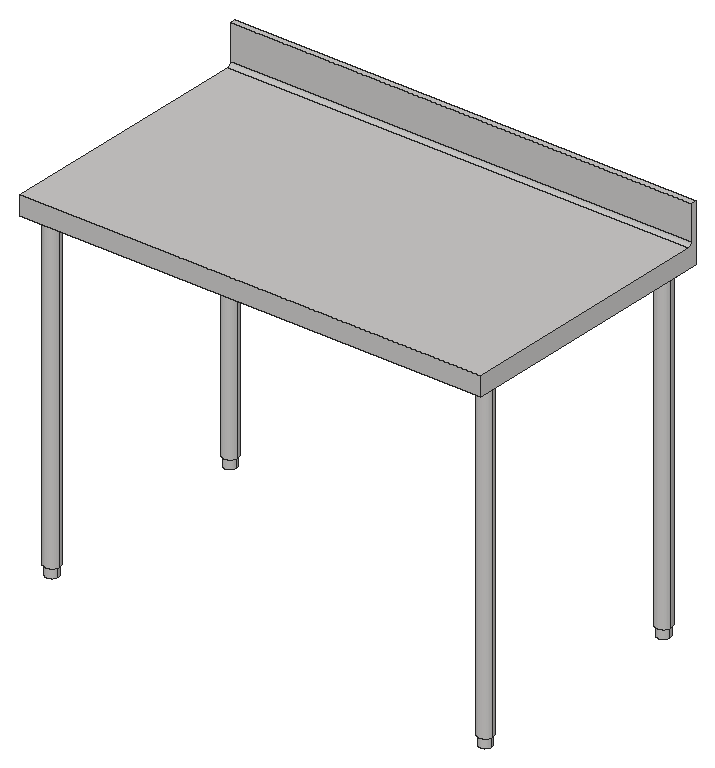
Revit family "QF_ZANUSSI_133055_TG1210EN", category Attrezzature speciali, Revit 2020
Family settings
  Quota connettore circolare = Usa diametro
  Tipo di parte = Normale
  Basato su piano di lavoro = No
  Sempre verticale = Sì
  Taglio con vuoti quando caricato = No
  Condiviso = No
  Punto di calcolo locali = No
Parameters (values of type "Standard")
  Weight = 40.00 kg
  Watts = 0 W
  Volts = 0 V
  URL Manufacturer = "http://www.zanussiprofessional.com"
  URL = "http://www.zanussiprofessional.com"
  Steam Supply Size = 0 mm
  Steam Supply Minimum Pressure = 0.0 Pa
  Steam Supply Maximum Pressure = 0.0 Pa
  Steam Consumption per Hour = 0
  Refrigeration Suction Line Size = 0.0 mm
  Refrigeration Liquid Line Size = 0.0 mm
  Refrigerant Compressor Remote = yes
  Prospetto di default = 0.0 mm
  Produttore = "Zanussi"
  Phase = 0
  Modello = "TG1210EN"
  Length Actual = 1200.0 mm  # constant formula
  Item Number = "133055"
  Hot Water Size = 0 mm
  Height Actual = 900.0 mm  # constant formula
  HP = "0 HP"
  Gas Size = 0 mm
  Gas KW = 0
  Gas Input Pressure = 0 W
  Direct Waste Size = 0 mm
  Descrizione = "WORK TABLE WITH UPSTAND 1200 MM"
  Depth Actual = 700.0 mm  # constant formula
  Cycle = 0 Hz
  Condensate Return Size = 0 mm
  Compressed Air Volume = 0.0 L/s
  Compressed Air Size = 0 mm
  Compressed Air Pressure = 0.0 Pa
  Cold Water Size = 0 mm
  Accessory = yes
Reference planes
  plane 1 "Center (Front/Back)": y = 0
  plane 2: z = 0
  plane 3 "Center (Left/Right)": x = -100
  plane 4 "LEFT": x = -700
  plane 5 "RIGHT": x = 500
  plane 6 "BACK": y = 350
  plane 7 "FRONT": y = -350
  plane 8 "Base": z = 850
  plane 9 "TOP": z = 900
  plane 10: x = -664.5
  plane 11: x = 464.5
  plane 12: y = 290
  plane 13: y = -290
Forms (mm)
  Extrusion 1, solid, material "QF_Finishes_Stainless Steel"
    sketch origin (-100, 0, 0) x (0, 1, 0) y (0, 0, 1)
      loop
        line (-350, 850) -> (350, 850) -> (350, 1000) -> (337, 1000) -> (337, 910)
        arc (337, 910) -> (334.071, 902.929) -> (327, 900) r 10
        line (327, 900) -> (-350, 900) -> (-350, 850)
    from 600 to -600
Lines and regions (mm)
  symbolic lines
    curve 1: line (500, 350, 900) -> (-700, 350, 900)
    curve 2: line (-700, 350, 900) -> (-700, -350, 900)
    curve 3: line (-700, -350, 900) -> (500, -350, 900)
    curve 4: line (500, -350, 900) -> (500, 350, 900)
    curve 5: line (500, 337, 900) -> (-700, 337, 900)
Dimensions and locks
  plane 4 "LEFT" to plane 5 "RIGHT" = 1200.0 mm
  equal spacing: plane 4 "LEFT", plane 3 "Center (Left/Right)", plane 5 "RIGHT"
  locked: plane 8 "Base" to level at 850
  plane 4 "LEFT" to plane 10 = 35.5 mm
  plane 11 to plane 5 "RIGHT" = 35.5 mm
  plane 10 to plane 11 = 1129.0 mm
  locked: Extrusion 1 to level at 1000
  plane 9 "TOP" to level = 900.0 mm
  plane 6 "BACK" to plane 12 = 60.0 mm
  plane 13 to plane 7 "FRONT" = 60.0 mm
  plane 6 "BACK" to plane 7 "FRONT" = 700.0 mm
  plane 12 to plane 13 = 580.0 mm
  equal spacing: plane 6 "BACK", plane 1 "Center (Front/Back)", plane 7 "FRONT"
  aligned and locked: level to plane 2
  aligned and locked: plane 10 to nested 1
  aligned and locked: nested 1 to plane 13
  aligned and locked: plane 11 to nested 2
  aligned and locked: nested 2 to plane 13
  aligned and locked: plane 11 to nested 4
  aligned and locked: nested 4 to plane 12
  aligned and locked: plane 10 to nested 3
  aligned and locked: nested 3 to plane 12
  aligned and locked: Extrusion 1 to plane 4 "LEFT"
  aligned and locked: plane 5 "RIGHT" to Extrusion 1
  aligned and locked: curve 2 to plane 4 "LEFT"
Automatic sketch dimensions
  Extrusion 1 sketch curve to plane 7 "FRONT" = 0.0 mm
  Extrusion 1 sketch curve to plane 9 "TOP" = 0.0 mm
  Extrusion 1 sketch curve to plane 6 "BACK" = 0.0 mm
  Extrusion 1 sketch curve to plane 8 "Base" = 0.0 mm
  plane 9 "TOP" to Extrusion 1 sketch curve = 10.0 mm
  Extrusion 1 sketch curve to plane 6 "BACK" = 13.0 mm
  Extrusion 1 sketch curve to Extrusion 1 sketch curve = 90.0 mm
  curve 3 to plane 7 "FRONT" = 0.0 mm
  curve 5 to plane 5 "RIGHT" = 0.0 mm
  curve 4 to plane 6 "BACK" = 0.0 mm
  curve 5 to plane 6 "BACK" = 13.0 mm
Nested families
  nested 1: "FEET_D40" at (-664.5, -290, 0), type "FEET_D40"
  nested 2: "FEET_D40" at (464.5, -290, 0), type "FEET_D40"
  nested 3: "FEET_D40" at (-664.5, 290, 0), type "FEET_D40"
  nested 4: "FEET_D40" at (464.5, 290, 0), type "FEET_D40"
Definition of nested family "FEET_D40"
  Parameters
    Default Elevation = 0.0 mm
    FEET = 850.0 mm
  Reference planes
    plane 1 "Center (Front/Back)": y = 0
    plane 2: z = 0
    plane 3 "Center (Left/Right)": x = 0
    plane 4: z = 850
  Forms (mm)
    Extrusion 1, solid
      sketch origin (0, 0, 0) x (1, 0, 0) y (0, 1, 0)
        loop
          circle (0, 0.002) r 20
      from 25 to 845
    Extrusion 2, solid
      sketch origin (0, 0, 0) x (1, 0, 0) y (0, 1, 0)
        loop
          circle (0, 0) r 16
      from 0 to 25
    Extrusion 3, solid
      sketch origin (0, 0, 0) x (1, 0, 0) y (0, 1, 0)
        loop
          circle (0, 0.002) r 30
      from 845 to 850
  Lines and regions (mm)
    symbolic lines
      curve 1: line (0, -1.503, 0) -> (0, 1.508, 0)
      curve 2: line (1.561, 0, 0) -> (-1.439, 0, 0)
  Dimensions and locks
    "FEET": plane 4 to plane 2
    aligned and locked: level to plane 2
  Automatic sketch dimensions
    plane 1 "Center (Front/Back)" to Extrusion 2 sketch curve = 0.0 mm
    Extrusion 2 sketch curve to plane 3 "Center (Left/Right)" = 0.0 mm
    plane 1 "Center (Front/Back)" to curve 2 = 0.0 mm
    curve 1 to plane 3 "Center (Left/Right)" = 0.0 mm
    curve 2 to plane 3 "Center (Left/Right)" = 1.439 mm
    plane 3 "Center (Left/Right)" to curve 2 = 1.561 mm
    plane 1 "Center (Front/Back)" to curve 1 = 1.503 mm
    curve 1 to plane 1 "Center (Front/Back)" = 1.508 mm
    Extrusion 1 sketch curve to plane 3 "Center (Left/Right)" = 0.0 mm
    Extrusion 1 sketch curve to plane 1 "Center (Front/Back)" = 0.002 mm
    Extrusion 3 sketch curve to plane 3 "Center (Left/Right)" = 0.0 mm
    Extrusion 3 sketch curve to plane 1 "Center (Front/Back)" = 0.002 mm
    radius of Extrusion 2 sketch curve = 16.0 mm
    radius of Extrusion 1 sketch curve = 20.0 mm
    radius of Extrusion 3 sketch curve = 30.0 mm
